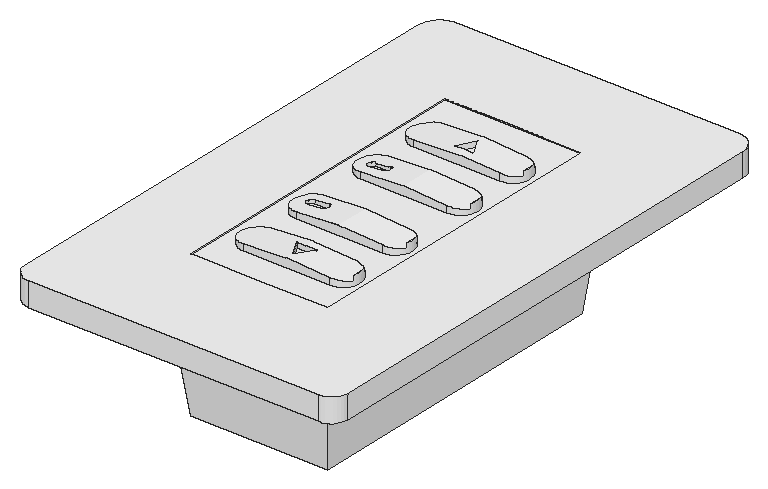
Revit family "LVSD", category Communication Devices, host Face, Revit 2021
Family settings
  Host = Face
  Maintain Annotation Orientation = No
  Round Connector Dimension = Use Diameter
  Part Type = Normal
  OmniClass Number = 23.85.80.11.27
  OmniClass Title = Lighting Controls
  Cut with Voids When Loaded = No
  Shared = Yes
  Room Calculation Point = No
Parameters (values of type "LVSD")
  Warranty = "5-Years Warranty"  # constant formula
  Type Comments = "Low Voltage Dimming Wall Switch"  # constant formula
  Product Page URL = ""
  Product Documentation Link = ""
  URL = "https://www.currentlighting.com/nxlightingcontrols"
  Operating Environment = "Indoor use only\r\nOperating temperature: 32°to 122°F (0° to 50°C)\r\nRelative humidity (non-condensing): 10% to 90%"  # constant formula
  Model = "LVSD"  # constant formula
  Manufacturer = " NX Lighting Controls"  # constant formula
  Width = 2.75"
  Features = "Attractive, architecturally-pleasing decorator style design\r\n• Gang-able with other decorator type devices\r\n• Momentary version\r\n• Latching version\r\n• Combination Momentary and Latching version\r\n• Works will all HCS Control and Auxiliary packs\r\n• Pilot light function supported\r\n• Provides 0-10V dimming control\r\n• Low Voltage device: 24VDC\r\n• Five-year limited warranty"  # constant formula
  Black = Paint -  Carbon Black
  Height = 4.50"
  White = Paint -  Matte White
  Description = "The Low Voltage dimmable switch station will provide manual control and 0-10V dimming for stand-alone applications. The Low Voltage dimmable switch station will also provide the customer with the opportunity to bring an already  Control Solutions project that utilizes stand-alone control packs and sensors to upgrade and install LED dimmable fixtures.Momentary, latching and a combination version containing a momentary and latching button provide flexibility to be used with our occupancy or vacancy control packs or a combination of both types."  # constant formula
  Default Elevation = 48.00"
  Copyright = "Copyright ©  NX Lighting Controls"  # constant formula
  Contact Us = ""
  Assembly Code = "D5090"
  1 = yes
Reference planes (in)
  plane 1 "Center (Front/Back)": y = 13.01342
  plane 2: z = 0
  plane 3 "Center (Left/Right)": x = 0
  plane 4: x = -1.375
  plane 5: x = 1.375
  plane 6: y = 15.26342
  plane 7: y = 10.76342
  plane 8: z = -1.35
  plane 9: z = 0.3
Forms (in)
  Extrusion 1, solid, material "Paint -  Matte White" <- "White"
    sketch origin (0, 0, -0.5) x (1, 0, 0) y (0, 1, 0)
      loop
        arc (-1.17464, 15.26342) -> (-1.31632, 15.20473) -> (-1.375, 15.06306) r 0.20036
        line (-1.375, 15.06306) -> (-1.375, 10.91856)
        arc (-1.375, 10.91856) -> (-1.32956, 10.80886) -> (-1.21986, 10.76342) r 0.15514
        line (-1.21986, 10.76342) -> (1.23768, 10.76342)
        arc (1.23768, 10.76342) -> (1.33478, 10.80364) -> (1.375, 10.90074) r 0.13732
        line (1.375, 10.90074) -> (1.375, 15.08233)
        arc (1.375, 15.08233) -> (1.32196, 15.21038) -> (1.19391, 15.26342) r 0.18109
        line (1.19391, 15.26342) -> (-1.17464, 15.26342)
    from 0.6 to 0.4
  Extrusion 2, solid, material "Paint -  Matte White" <- "White"
    sketch origin (0, 0, 0) x (1, 0, 0) y (0, 1, 0)
      loop
        line (-0.61252, 14.41205) -> (-0.61252, 11.71709) -> (0, 11.71709) -> (0.55202, 11.71709) -> (0.55202, 14.41205) -> (0, 14.41205) -> (-0.61252, 14.41205)
    from 0.23534 to 0.1
  Extrusion 3, void
    sketch origin (0, 13.01342, 0) x (1, 0, 0) y (0, 0, 1)
      loop
        line (-0.61314, 0.45345) -> (-0.61314, 0.0923)
        arc (-0.61314, 0.0923) -> (-0.03211, 0.07642) -> (0.54898, 0.09016) r 11.40207
        line (0.54898, 0.09016) -> (0.54898, 0.45345) -> (-0.61314, 0.45345)
    from 1.29633 to -1.39863
  Blend 4, solid, material "Paint -  Matte White" <- "White"
    base sketch origin (0, 0, 0) x (1, 0, 0) y (0, 1, 0)
      loop
        line (-0.73509, 14.56519) -> (-0.73509, 11.56519) -> (0.66835, 11.56519) -> (0.66835, 14.56519) -> (-0.73509, 14.56519)
    top sketch origin (0, 0, 0) x (1, 0, 0) y (0, 1, 0)
      loop
        line (-0.61252, 14.41205) -> (-0.61252, 11.71709) -> (0.55202, 11.71709) -> (0.55202, 14.41205) -> (-0.61252, 14.41205)
    from 0 to -1.12608
  Extrusion 5, solid, material "Paint -  Matte White" <- "White", visible <- "1"
    sketch origin (0, 26.64403, -0.17578) x (1, 0, 0) y (0, 1, 0)
      loop
        line (-0.36532, -13.43008) -> (0.36532, -13.43008)
        arc (0.36532, -13.43008) -> (0.5069, -13.28851) -> (0.36532, -13.14693) r 0.14158
        line (0.36532, -13.14693) -> (-0.36532, -13.14693)
        arc (-0.36532, -13.14693) -> (-0.5069, -13.28851) -> (-0.36532, -13.43008) r 0.14158
    from 0.35493 to 0.27578
  Extrusion 6, void
    sketch origin (0, 13.44311, -0.15625) x (1, 0, 0) y (0, 0, -1)
      loop
        line (-0.51828, -0.93634) -> (0.49658, -0.93634) -> (0.49658, -0.29405)
        arc (0.49658, -0.29405) -> (-0.01101, -0.33338) -> (-0.51828, -0.29021) r 3.14149
        line (-0.51828, -0.29021) -> (-0.51828, -0.93634)
    from 0.07779 to -0.22916
  Extrusion 7, void
    sketch origin (0, 26.08934, 0) x (1, 0, 0) y (0, 1, 0)
      loop
        line (-0.36736, -12.78896) -> (-0.24698, -12.78896)
        arc (-0.24698, -12.78896) -> (-0.20893, -12.7509) -> (-0.24698, -12.71285) r 0.03805
        line (-0.24698, -12.71285) -> (-0.36736, -12.71285)
        arc (-0.36736, -12.71285) -> (-0.40541, -12.7509) -> (-0.36736, -12.78896) r 0.03805
    from 0.19737 to 0.12851
  Extrusion 8, solid, material "Paint -  Matte White" <- "White", visible <- "1"
    sketch origin (0, 27.20339, -0.17578) x (1, 0, 0) y (0, 1, 0)
      loop
        line (-0.36532, -13.43008) -> (0.36532, -13.43008)
        arc (0.36532, -13.43008) -> (0.5069, -13.28851) -> (0.36532, -13.14693) r 0.14158
        line (0.36532, -13.14693) -> (-0.36532, -13.14693)
        arc (-0.36532, -13.14693) -> (-0.5069, -13.28851) -> (-0.36532, -13.43008) r 0.14158
    from 0.35493 to 0.27578
  Extrusion 9, void
    sketch origin (0, 14.00247, -0.15625) x (1, 0, 0) y (0, 0, -1)
      loop
        line (-0.51828, -0.93634) -> (0.49658, -0.93634) -> (0.49658, -0.29405)
        arc (0.49658, -0.29405) -> (-0.01101, -0.33338) -> (-0.51828, -0.29021) r 3.14149
        line (-0.51828, -0.29021) -> (-0.51828, -0.93634)
    from 0.07779 to -0.22916
  Extrusion 10, void
    sketch origin (0, 26.66432, 0) x (1, 0, 0) y (0, 1, 0)
      loop
        line (0.08426, -12.81631) -> (0, -12.67037) -> (-0.08426, -12.81631) -> (0.08426, -12.81631)
    from 0.19737 to 0.12851
  Extrusion 11, solid, material "Paint -  Matte White" <- "White", visible <- "1"
    sketch origin (0, -0.6172, -0.17578) x (1, 0, 0) y (0, 1, 0)
      loop
        arc (-0.36532, 13.43008) -> (-0.5069, 13.28851) -> (-0.36532, 13.14693) r 0.14158
        line (-0.36532, 13.14693) -> (0.36532, 13.14693)
        arc (0.36532, 13.14693) -> (0.5069, 13.28851) -> (0.36532, 13.43008) r 0.14158
        line (0.36532, 13.43008) -> (-0.36532, 13.43008)
    from 0.35493 to 0.27578
  Extrusion 12, void
    sketch origin (0, 12.58372, -0.15625) x (1, 0, 0) y (0, 0, 1)
      loop
        line (-0.51828, 0.93634) -> (-0.51828, 0.29021)
        arc (-0.51828, 0.29021) -> (-0.01101, 0.33338) -> (0.49658, 0.29405) r 3.14149
        line (0.49658, 0.29405) -> (0.49658, 0.93634) -> (-0.51828, 0.93634)
    from 0.07779 to -0.22916
  Extrusion 13, void
    sketch origin (0, -0.0625, 0) x (1, 0, 0) y (0, 1, 0)
      loop
        arc (-0.36736, 12.78896) -> (-0.40541, 12.7509) -> (-0.36736, 12.71285) r 0.03805
        line (-0.36736, 12.71285) -> (-0.24698, 12.71285)
        arc (-0.24698, 12.71285) -> (-0.20893, 12.7509) -> (-0.24698, 12.78896) r 0.03805
        line (-0.24698, 12.78896) -> (-0.36736, 12.78896)
    from 0.19737 to 0.12851
  Extrusion 14, solid, material "Paint -  Matte White" <- "White", visible <- "1"
    sketch origin (0, -1.17655, -0.17578) x (1, 0, 0) y (0, 1, 0)
      loop
        arc (-0.36532, 13.43008) -> (-0.5069, 13.28851) -> (-0.36532, 13.14693) r 0.14158
        line (-0.36532, 13.14693) -> (0.36532, 13.14693)
        arc (0.36532, 13.14693) -> (0.5069, 13.28851) -> (0.36532, 13.43008) r 0.14158
        line (0.36532, 13.43008) -> (-0.36532, 13.43008)
    from 0.35493 to 0.27578
  Extrusion 15, void
    sketch origin (0, 12.02437, -0.15625) x (1, 0, 0) y (0, 0, 1)
      loop
        line (-0.51828, 0.93634) -> (-0.51828, 0.29021)
        arc (-0.51828, 0.29021) -> (-0.01101, 0.33338) -> (0.49658, 0.29405) r 3.14149
        line (0.49658, 0.29405) -> (0.49658, 0.93634) -> (-0.51828, 0.93634)
    from 0.07779 to -0.22916
  Extrusion 16, void
    sketch origin (0, 0, 0) x (1, 0, 0) y (0, 1, 0)
      loop
        line (0.08426, 12.17883) -> (-0.08426, 12.17883) -> (0, 12.03288) -> (0.08426, 12.17883)
    from 0.21419 to 0.12851
Cuts and joins
  Extrusion 3 cuts Extrusion 1
  Extrusion 3 cuts Extrusion 2
  joined: Extrusion 1, Extrusion 2
  Extrusion 6, Extrusion 7, Extrusion 9, Extrusion 10, Extrusion 12, Extrusion 13 cuts Extrusion 5
  Extrusion 9, Extrusion 10, Extrusion 15 cuts Extrusion 8
  Extrusion 12, Extrusion 13 cuts Extrusion 11
  Extrusion 15, Extrusion 16 cuts Extrusion 14
Dimensions and locks (in)
  plane 2 to plane 8 = 1.35"
  "Width": plane 4 to plane 5
  equal spacing: plane 4, plane 3 "Center (Left/Right)", plane 5
  "Height": plane 7 to plane 6
  equal spacing: plane 7, plane 1 "Center (Front/Back)", plane 6
  plane 9 to plane 8 = 1.65"
  aligned and locked: plane 2 to host face
  aligned and locked: level to host face
Automatic sketch dimensions
  host sketch curve to host sketch curve = 96.00"  (x2)
  Extrusion 1 sketch curve to plane 4 = 0.00"
  plane 7 to Extrusion 1 sketch curve = 0.00"
  plane 6 to Extrusion 1 sketch curve = 0.00"
  Extrusion 1 sketch curve to plane 5 = 0.00"
  plane 4 to Extrusion 1 sketch curve = 0.15514"
  plane 4 to Extrusion 1 sketch curve = 0.20036"
  Extrusion 1 sketch curve to Extrusion 1 sketch curve = 0.18109"
  Extrusion 1 sketch curve to plane 5 = 0.13732"
  Extrusion 2 sketch curve to plane 3 "Center (Left/Right)" = 0.00"  (x2)
  Extrusion 2 sketch curve to plane 3 "Center (Left/Right)" = 0.61252"
  Extrusion 2 sketch curve to Extrusion 2 sketch curve = 0.55202"
  Extrusion 2 sketch curve to plane 7 = 0.95367"
  plane 6 to Extrusion 2 sketch curve = 0.85137"
  level to Extrusion 3 sketch curve = 0.0923"
  Extrusion 3 sketch curve to plane 3 "Center (Left/Right)" = 0.61314"
  Extrusion 3 sketch curve to plane 3 "Center (Left/Right)" = 0.01115"
  level to Extrusion 3 sketch curve = 0.09016"
  plane 3 "Center (Left/Right)" to Extrusion 3 sketch curve = 0.54898"
  Extrusion 3 sketch curve to plane 9 = 0.15345"
  plane 4 to Blend 4 sketch curve = 0.63991"
  plane 3 "Center (Left/Right)" to Blend 4 sketch curve = 0.66835"
  Blend 4 sketch curve to plane 7 = 0.80177"
  plane 6 to Blend 4 sketch curve = 0.69823"
  Blend 4 sketch curve to plane 3 "Center (Left/Right)" = 0.61252"
  plane 3 "Center (Left/Right)" to Blend 4 sketch curve = 0.55202"
  Blend 4 sketch curve to plane 7 = 0.95367"
  plane 6 to Blend 4 sketch curve = 0.85137"
  Extrusion 5 sketch curve to plane 1 "Center (Front/Back)" = 0.20053"
  Extrusion 5 sketch curve to plane 3 "Center (Left/Right)" = 0.36532"
  plane 3 "Center (Left/Right)" to Extrusion 5 sketch curve = 0.36532"
  Extrusion 5 sketch curve to Extrusion 5 sketch curve = 0.14158"
  level to Extrusion 6 sketch curve = 0.13396"
  Extrusion 6 sketch curve to plane 3 "Center (Left/Right)" = 0.51828"
  plane 3 "Center (Left/Right)" to Extrusion 6 sketch curve = 0.00087"
  level to Extrusion 6 sketch curve = 0.1378"
  plane 3 "Center (Left/Right)" to Extrusion 6 sketch curve = 0.49658"
  Extrusion 6 sketch curve to plane 9 = 0.48009"
  plane 3 "Center (Left/Right)" to Extrusion 7 sketch curve = 0.36736"
  Extrusion 7 sketch curve to Extrusion 7 sketch curve = 0.12037"
  plane 1 "Center (Front/Back)" to Extrusion 7 sketch curve = 0.36307"
  Extrusion 7 sketch curve to Extrusion 7 sketch curve = 0.03805"
  Extrusion 8 sketch curve to plane 3 "Center (Left/Right)" = 0.36532"
  plane 3 "Center (Left/Right)" to Extrusion 8 sketch curve = 0.36532"
  Extrusion 8 sketch curve to plane 1 "Center (Front/Back)" = 0.75989"
  Extrusion 8 sketch curve to Extrusion 8 sketch curve = 0.14158"
  level to Extrusion 9 sketch curve = 0.13396"
  Extrusion 9 sketch curve to plane 3 "Center (Left/Right)" = 0.51828"
  plane 3 "Center (Left/Right)" to Extrusion 9 sketch curve = 0.00087"
  level to Extrusion 9 sketch curve = 0.1378"
  plane 3 "Center (Left/Right)" to Extrusion 9 sketch curve = 0.49658"
  Extrusion 9 sketch curve to plane 9 = 0.48009"
  plane 1 "Center (Front/Back)" to Extrusion 11 sketch curve = 0.20053"
  Extrusion 11 sketch curve to plane 3 "Center (Left/Right)" = 0.36532"
  plane 3 "Center (Left/Right)" to Extrusion 11 sketch curve = 0.36532"
  Extrusion 11 sketch curve to Extrusion 11 sketch curve = 0.14158"
  level to Extrusion 12 sketch curve = 0.13396"
  Extrusion 12 sketch curve to plane 3 "Center (Left/Right)" = 0.51828"
  plane 3 "Center (Left/Right)" to Extrusion 12 sketch curve = 0.00087"
  level to Extrusion 12 sketch curve = 0.1378"
  plane 3 "Center (Left/Right)" to Extrusion 12 sketch curve = 0.49658"
  Extrusion 12 sketch curve to plane 9 = 0.48009"
  Extrusion 13 sketch curve to plane 3 "Center (Left/Right)" = 0.36736"
  Extrusion 13 sketch curve to Extrusion 13 sketch curve = 0.12037"
  plane 1 "Center (Front/Back)" to Extrusion 13 sketch curve = 0.36307"
  Extrusion 13 sketch curve to Extrusion 13 sketch curve = 0.03805"
  Extrusion 14 sketch curve to plane 3 "Center (Left/Right)" = 0.36532"
  plane 3 "Center (Left/Right)" to Extrusion 14 sketch curve = 0.36532"
  plane 1 "Center (Front/Back)" to Extrusion 14 sketch curve = 1.04304"
  Extrusion 14 sketch curve to Extrusion 14 sketch curve = 0.14158"
  level to Extrusion 15 sketch curve = 0.13396"
  Extrusion 15 sketch curve to plane 3 "Center (Left/Right)" = 0.51828"
  plane 3 "Center (Left/Right)" to Extrusion 15 sketch curve = 0.00087"
  level to Extrusion 15 sketch curve = 0.1378"
  plane 3 "Center (Left/Right)" to Extrusion 15 sketch curve = 0.49658"
  Extrusion 15 sketch curve to plane 9 = 0.48009"
  Extrusion 10 sketch curve to plane 3 "Center (Left/Right)" = 0.00"
  plane 3 "Center (Left/Right)" to Extrusion 10 sketch curve = 0.08426"
  Extrusion 10 sketch curve to plane 3 "Center (Left/Right)" = 0.08426"
  plane 1 "Center (Front/Back)" to Extrusion 10 sketch curve = 0.98054"
  Extrusion 10 sketch curve to Extrusion 10 sketch curve = 0.14594"
  Extrusion 16 sketch curve to plane 3 "Center (Left/Right)" = 0.00"
  Extrusion 16 sketch curve to plane 3 "Center (Left/Right)" = 0.08426"
  plane 3 "Center (Left/Right)" to Extrusion 16 sketch curve = 0.08426"
  plane 1 "Center (Front/Back)" to Extrusion 16 sketch curve = 0.98054"
  Extrusion 16 sketch curve to Extrusion 16 sketch curve = 0.14594"
Connectors (in)
  electrical at (0.00464, 13.0023, 0.1)
    settings: on cut or joined group of Extrusion 1, Extrusion 2, Extrusion 3, index 1, voltage 0 V, apparent load 0 VA, apparent load phase1 0 VA, apparent load phase2 0 VA, apparent load phase3 0 VA, power factor 1, load classification "Other", number of poles 1, system type 14, power factor state 1, is connector primary yes, connector utility no, sub classification motor no, connector description "Low Voltage Wall Switch"
